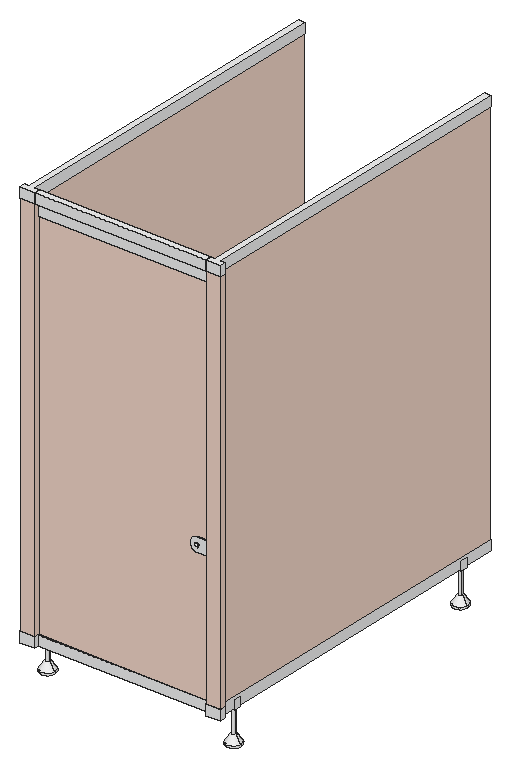
Revit family "PFX_A3-Toilet-Cubicle-Middle-Section", category Generic Models, Revit 2016
Family settings
  Part Type = Undefined
  Can host rebar = No
  Round Connector Dimension = Use Diameter
  Work Plane-Based = No
  Always vertical = Yes
  Cut with Voids When Loaded = No
  Shared = No
  Room Calculation Point = No
Parameters (values of type "Middle Section Cubicle")
  Vis - Placement Lines = yes
  Vis - Door RHS = no
  Vis - Door LHS = yes
  Vis - Cubicle Legs = yes
  Top Frame Depth = 45 mm
  Plumbing Duct Depth = 300 mm
  Material Cubicle Panels = Toilet Cubicle Panelling
  Material Cubicle Frame = Toilet Cubicle Frame
  Material Cubicle Feet = Toilet Cubicle Feet
  Keynote = "K32"
  Handle Mounting Height = 800 mm
  Door Width = Cubicle Width - 65 mm  # 755 mm
  Door Head Clearance = 10 mm
  Cubicle Width = Cubicle Clear Width + Cubicle Panel Thickness  # 820 mm
  Cubicle Panel Thickness = 20 mm
  Cubicle Height = 1800 mm
  Cubicle Depth = 1500 mm
  Cubicle Clear Width = 800 mm
  Bttm Frame Depth = 45 mm
  Base Offset = 150 mm
Reference planes
  plane 1 "Center (Front/Back)": y = 0
  plane 2: z = 0
  plane 3 "Center (Left/Right)": x = -12.069
  plane 4: x = -422.069
  plane 5: x = 397.931
  plane 6: y = -1800
  plane 7: y = -300
  plane 8: z = 150
  plane 9: z = 1950
  plane 10: x = -389.569
  plane 11: x = 365.431
  plane 12: z = 1905
  plane 13: z = 1895
  plane 14: z = 195
  plane 15: x = -454.569
  plane 16: x = 430.431
  plane 17: z = 800
Forms (mm)
  Extrusion 1, solid, material "Toilet Cubicle Frame" <- "Material Cubicle Frame"
    sketch origin (142.5, 0, 1950) x (0, -1, 0) y (-1, 0, 0)
      loop
        line (1813, 532.069) -> (1787.295, 532.069) -> (1787.295, -222.931) -> (1813, -222.931) -> (1813, 532.069)
    from 0 to 45
Lines and regions (mm)
  symbolic lines, style "Toilet Cubicles", visible <- "Vis - Placement Lines"
    curve 1: line (-422.069, -300, 0) -> (397.931, -300, 0)
Dimensions and locks
  equal spacing: plane 4, plane 3 "Center (Left/Right)", plane 5
  "Cubicle Width": plane 4 to plane 5
  "Plumbing Duct Depth": plane 7 to plane 1 "Center (Front/Back)"
  "Cubicle Depth": plane 6 to plane 7
  "Base Offset": plane 8 to level
  "Cubicle Height": plane 9 to plane 8
  equal spacing: plane 10, plane 3 "Center (Left/Right)", plane 11
  "Door Width": plane 10 to plane 11
  "Top Frame Depth": plane 9 to plane 12
  "Door Head Clearance": plane 12 to plane 13
  "Bttm Frame Depth": plane 14 to plane 8
  equal spacing: plane 15, plane 4, plane 10
  equal spacing: plane 11, plane 5, plane 16
  "Handle Mounting Height": plane 17 to level
  aligned and locked: Extrusion 1 to plane 9
  aligned and locked: plane 12 to Extrusion 1
  aligned and locked: Extrusion 1 sketch curve to plane 11
  aligned and locked: nested 1 to plane 13
  aligned and locked: plane 5 to nested 2
  aligned and locked: plane 7 to nested 2
  aligned and locked: plane 10 to Extrusion 1
  aligned and locked: plane 4 to nested 3
  aligned and locked: nested 3 to plane 7
  aligned and locked: plane 6 to nested 1
  aligned and locked: nested 1 to plane 3 "Center (Left/Right)"
  aligned: curve 1 to nested 3
  aligned: curve 1 to nested 2
  aligned: nested 3 to curve 1
Automatic sketch dimensions
  Extrusion 1 sketch curve to plane 6 = 12.705 mm
  plane 6 to Extrusion 1 sketch curve = 13 mm
  Extrusion 1 sketch curve to Extrusion 1 sketch curve = 755 mm
  curve 1 to plane 4 = 0 mm
  curve 1 to plane 5 = 0 mm
  curve 1 to plane 7 = 0 mm
Nested families
  nested 1: "UK_Toilet Door" at (-10, 0, 0), Cubicle Width <- "Cubicle Width", type "End/Corner Cubicle"
    with Door Width 755 mm, Cubicle Width 820 mm
  nested 2: "UK_Cubicle PartyWall" at (0, 0, 0), type "UK_Cubicle PartyWall"
  nested 3: "UK_Cubicle PartyWall" at (-820, 0, 0), type "UK_Cubicle PartyWall"
Definition of nested family "UK_Toilet Door"
  Parameters
    Vis - Door RHS = no
    Vis - Door LHS = yes
    Top Frame Depth = 45 mm
    Material Cubicle Panels = none
    Material Cubicle Frame = none
    Material Cubicle Feet = none
    Handle Mounting Height = 800 mm
    Door Width [instance] = Cubicle Width - 65 mm  # 735 mm
    Door Head Clearance = 10 mm
    Cubicle Width [instance] = 800 mm
    Cubicle Panel Thickness = 20 mm
    Cubicle Height = 1800 mm
    Cubicle Depth = 1500 mm
    Bttm Frame Depth = 45 mm
    Base Offset = 150 mm
  Reference planes
    plane 1: z = 0
    plane 2 "Center (Left/Right)": x = -2.069
    plane 3: x = -402.069
    plane 4: x = 397.931
    plane 5 "Front of Cubicle": y = -1800
    plane 6: z = 150
    plane 7: z = 1950
    plane 8: x = -369.569
    plane 9: x = 365.431
    plane 10: z = 1905
    plane 11: z = 1895
    plane 12: z = 195
    plane 13: x = -434.569
    plane 14: x = 430.431
    plane 15: z = 800
    plane 16: y = -1780
  Forms (mm)
    Extrusion 1, solid, material <- "Material Cubicle Frame"
      sketch origin (-2.069, 0, 0) x (0, 1, 0) y (0, 0, 1)
        loop
          line (-1793, 1850) -> (-1767, 1850) -> (-1767, 1895) -> (-1793, 1895) -> (-1793, 1850)
        loop
          line (-1793, 195) -> (-1793, 150) -> (-1767, 150) -> (-1767, 195) -> (-1793, 195)
      from 367.5 to -367.5
    Extrusion 2, solid, material <- "Material Cubicle Panels"
      sketch origin (0, 0, 0) x (1, 0, 0) y (0, 1, 0)
        loop
          line (-369.569, -1790) -> (365.431, -1790) -> (365.431, -1770) -> (-369.569, -1770) -> (-369.569, -1790)
      from 195 to 1850
  Lines and regions (mm)
    symbolic lines, visible <- "Vis - Door LHS"
      curve 1: line (-369.569, -1767, 0) -> (-369.569, -1032, 0)
      curve 2: arc (365.431, -1767, 0) -> (150.155, -1247.277, 0) -> (-369.569, -1032, 0) r 735
    symbolic lines, visible <- "Vis - Door RHS"
      curve 3: line (365.431, -1767, 0) -> (365.431, -1032, 0)
      curve 4: arc (-369.569, -1767, 0) -> (-154.292, -1247.277, 0) -> (365.431, -1032, 0) r 735
  Dimensions and locks
    equal spacing: plane 3, plane 2 "Center (Left/Right)", plane 4
    "Cubicle Width": plane 3 to plane 4
    "Base Offset": plane 6 to level
    "Cubicle Height": plane 7 to plane 6
    equal spacing: plane 8, plane 2 "Center (Left/Right)", plane 9
    "Door Width": plane 8 to plane 9
    "Top Frame Depth": plane 7 to plane 10
    "Door Head Clearance": plane 10 to plane 11
    "Bttm Frame Depth": plane 12 to plane 6
    equal spacing: plane 13, plane 3, plane 8
    equal spacing: plane 9, plane 4, plane 14
    "Handle Mounting Height": plane 15 to level
    "Cubicle Panel Thickness": plane 5 "Front of Cubicle" to plane 16
    equal spacing: Extrusion 2, plane 16, Extrusion 2
    "Cubicle Panel Thickness": Extrusion 2 to Extrusion 2
    locked: Extrusion 1 sketch curve to Extrusion 2 at 3  (x2)
    locked: Extrusion 2 to Extrusion 1 sketch curve at 3  (x2)
    aligned and locked: curve 2 to plane 8
    aligned and locked: plane 15 to nested 2
    aligned and locked: nested 1 to plane 9
    aligned and locked: nested 2 to plane 8
    aligned and locked: plane 16 to nested 1
    aligned and locked: nested 2 to plane 16
    aligned and locked: Extrusion 1 sketch curve to plane 11
    aligned and locked: Extrusion 1 to plane 9
    aligned and locked: plane 8 to Extrusion 1
    aligned and locked: Extrusion 2 to Extrusion 1
    aligned and locked: plane 12 to Extrusion 2
    aligned and locked: plane 8 to Extrusion 2
    aligned and locked: Extrusion 2 to plane 9
    aligned and locked: curve 1 to plane 8
    aligned and locked: curve 3 to plane 9
  Automatic sketch dimensions
    curve 1 to plane 5 "Front of Cubicle" = 33 mm
    curve 2 to curve 1 = 0 mm
    Extrusion 1 sketch curve to plane 6 = 0 mm
    Extrusion 1 sketch curve to plane 12 = 0 mm
    plane 11 to Extrusion 1 sketch curve = 45 mm
    Extrusion 2 sketch curve to plane 16 = 10 mm
    Extrusion 2 sketch curve to plane 8 = 0 mm
    plane 9 to Extrusion 2 sketch curve = 0 mm
    Extrusion 2 sketch curve to plane 5 "Front of Cubicle" = 10 mm
  Nested families
    nested 1: "Toilet Cubicle Handle" at (365.431, -1779.907, 0), visible <- "Vis - Door LHS", type "Toilet Cubicle Handle"
    nested 2: "Toilet Cubicle Handle" at (-369.569, -1779.907, -0.091) x (-1, 0, 0) z (0, 0, 1), visible <- "Vis - Door RHS", type "Toilet Cubicle Handle"
  Definition of nested family "Toilet Cubicle Handle"
    Parameters
      Panel Thickness = 20 mm
      Material  Handle = none
      Handle Z = 800 mm
      Handle X = 50 mm
    Reference planes
      plane 1 "Center (Front/Back)": y = -0.093
      plane 2: z = 0
      plane 3 "Center (Left/Right)": x = 0
      plane 4: z = 800
      plane 5: x = -50
      plane 6: y = -10.093
      plane 7: y = 9.907
    Forms (mm)
      Extrusion 1, solid, material <- "Material  Handle"
        sketch origin (0, -0.093, 0) x (1, 0, 0) y (0, 0, 1)
          loop
            line (0, 770) -> (0, 830.183) -> (-49.948, 830.183)
            arc (-49.948, 830.183) -> (-80.039, 800.091) -> (-49.948, 770) r 30.091
            line (-49.948, 770) -> (0, 770)
          loop
            circle (-49.948, 800.091) r 10
        from -18 to 18
    Dimensions and locks
      "Handle X": plane 5 to plane 3 "Center (Left/Right)"
      "Handle Z": plane 4 to level
      equal spacing: plane 7, plane 1 "Center (Front/Back)", plane 6
      "Panel Thickness": plane 6 to plane 7
      locked: Extrusion 1 to plane 7 at 8
      locked: Extrusion 1 to plane 6 at 8
    Automatic sketch dimensions
      Extrusion 1 sketch curve to Extrusion 1 sketch curve = 0 mm  (x2)
      Extrusion 1 sketch curve to plane 3 "Center (Left/Right)" = 0 mm
      Extrusion 1 sketch curve to plane 5 = 0.052 mm
      plane 4 to Extrusion 1 sketch curve = 30 mm
      Extrusion 1 sketch curve to plane 4 = 0.091 mm
      radius of Extrusion 1 sketch curve = 10 mm
Definition of nested family "UK_Cubicle PartyWall"
  Parameters
    Vis - Cubicle Legs = yes
    Top Frame Depth = 45 mm
    Plumbing Duct Depth = 300 mm
    Material Cubicle Panels = none
    Material Cubicle Frame = none
    Material Cubicle Feet = none
    Cubicle Panel Thickness = 20 mm
    Cubicle Height = 1800 mm
    Cubicle Depth = 1500 mm
    Bttm Frame Depth = 45 mm
    Base Offset = 150 mm
  Reference planes
    plane 1 "Center (Front/Back)": y = 0
    plane 2: z = 0
    plane 3: x = 397.931
    plane 4: y = -1800
    plane 5 "Back of Toilet": y = -300
    plane 6: z = 150
    plane 7: z = 1950
    plane 8: x = 365.431
    plane 9: z = 1905
    plane 10: z = 195
    plane 11: x = 430.431
    plane 12: y = -450
    plane 13: y = -1700
  Forms (mm)
    Extrusion 1, solid, material <- "Material Cubicle Frame"
      sketch origin (0, 0, 195) x (0, -1, 0) y (-1, 0, 0)
        loop
          line (1813, -365.431) -> (1787.295, -365.431) -> (1787.295, -430.431) -> (1813, -430.431) -> (1813, -365.431)
      from 0 to 45
    Extrusion 2, solid, material <- "Material Cubicle Frame"
      sketch origin (992.5, -300, 0) x (1, 0, 0) y (0, 0, 1)
        loop
          line (-607.569, 1905) -> (-581.569, 1905) -> (-581.569, 1950) -> (-607.569, 1950) -> (-607.569, 1905)
        loop
          line (-607.569, 195) -> (-607.569, 150) -> (-581.569, 150) -> (-581.569, 195) -> (-607.569, 195)
      from 0 to 1487.295
    Extrusion 3, solid, material <- "Material Cubicle Panels"
      sketch origin (992.5, 0, 195) x (0, -1, 0) y (-1, 0, 0)
        loop
          line (300, 584.569) -> (1790, 584.569) -> (1790, 562.069) -> (1810, 562.069) -> (1810, 627.069) -> (1790, 627.069) -> (1790, 604.569) -> (300, 604.569) -> (300, 584.569)
      from 0 to -1710
    Extrusion 4, solid, material <- "Material Cubicle Frame"
      sketch origin (1042.5, 0, 1950) x (0, -1, 0) y (-1, 0, 0)
        loop
          line (1813, 677.069) -> (1787.295, 677.069) -> (1787.295, 612.069) -> (1813, 612.069) -> (1813, 677.069)
      from 0 to 45
  Cuts and joins
    joined: Extrusion 1, Extrusion 2, Extrusion 4
  Lines and regions (mm)
    symbolic lines
      curve 1: line (70.931, -300, 0) -> (750.931, -300, 0)
  Dimensions and locks
    "Plumbing Duct Depth": plane 5 "Back of Toilet" to plane 1 "Center (Front/Back)"
    "Cubicle Depth": plane 4 to plane 5 "Back of Toilet"
    "Base Offset": plane 6 to level
    "Cubicle Height": plane 7 to plane 6
    "Top Frame Depth": plane 7 to plane 9
    "Bttm Frame Depth": plane 10 to plane 6
    equal spacing: plane 8, plane 3, plane 11
    plane 12 to plane 5 "Back of Toilet" = 150 mm
    plane 4 to plane 13 = 100 mm
    "Cubicle Panel Thickness": Extrusion 3 sketch curve to Extrusion 3 sketch curve  (x2)
    locked: Extrusion 2 sketch curve to Extrusion 3 at 3  (x4)
    equal spacing: Extrusion 3 sketch curve, plane 3, Extrusion 3 sketch curve
    equal spacing: Extrusion 3 sketch curve, plane 4, Extrusion 3 sketch curve
    aligned and locked: plane 6 to Extrusion 1
    aligned and locked: Extrusion 3 sketch curve to Extrusion 3 sketch curve
    aligned and locked: plane 10 to Extrusion 2 sketch curve
    aligned and locked: Extrusion 2 sketch curve to plane 6
    aligned and locked: Extrusion 2 sketch curve to plane 7
    aligned and locked: plane 9 to Extrusion 2 sketch curve
    aligned and locked: Extrusion 3 sketch curve to plane 5 "Back of Toilet"
    aligned and locked: nested 1 to plane 3
    aligned and locked: nested 2 to plane 3
    aligned and locked: plane 13 to nested 2
    aligned and locked: plane 12 to nested 1
    aligned and locked: Extrusion 4 to plane 11
    aligned and locked: Extrusion 4 to plane 7
    aligned and locked: plane 9 to Extrusion 4
    aligned and locked: Extrusion 2 to Extrusion 4
    aligned and locked: plane 8 to Extrusion 4 sketch curve
    aligned and locked: Extrusion 4 sketch curve to plane 11
    aligned and locked: Extrusion 3 sketch curve to plane 11
    aligned and locked: plane 10 to Extrusion 3
    aligned and locked: plane 5 "Back of Toilet" to curve 1
    aligned and locked: Extrusion 3 to plane 9
    aligned and locked: Extrusion 1 to plane 10
    aligned and locked: Extrusion 2 to plane 5 "Back of Toilet"
  Automatic sketch dimensions
    Extrusion 4 sketch curve to plane 4 = 12.705 mm
    plane 4 to Extrusion 4 sketch curve = 13 mm
    Extrusion 3 sketch curve to plane 8 = 0 mm
    Extrusion 1 sketch curve to plane 11 = 0 mm
    Extrusion 1 sketch curve to plane 8 = 0 mm
    Extrusion 1 sketch curve to plane 4 = 12.705 mm
    plane 4 to Extrusion 1 sketch curve = 13 mm
    plane 8 to curve 1 = 294.5 mm
    curve 1 to plane 11 = 320.5 mm
  Nested families
    nested 1: "Toilet Cubicle Leg" at (397.931, -450, 0), type "Toilet Cubicle Leg"
    nested 2: "Toilet Cubicle Leg" at (397.931, -1700, 0), type "Toilet Cubicle Leg"
  Definition of nested family "Toilet Cubicle Leg"
    Parameters
      Vis - Cubicle Legs = yes
      Partition Thickness = 20 mm
      Material Legs = none
      Foot Height = 150 mm
    Reference planes
      plane 1 "Center (Front/Back)": y = 0
      plane 2: z = 0
      plane 3 "Center (Left/Right)": x = 0
      plane 4: z = 150
      plane 5: x = -10
      plane 6: x = 10
    Forms (mm)
      Revolve 1, solid, material <- "Material Legs", visible <- "Vis - Cubicle Legs"
        sketch origin (0, 0, 0) x (1, 0, 0) y (0, 0, 1)
          loop
            line (-7.5, 145) -> (-7.5, 43.57) -> (-32.943, 7.234) -> (-32.943, 0) -> (0, 0) -> (0, 145) -> (-7.5, 145)
          axis (0, 0) -> (0, 145)
        angle from 0 to 360
      Extrusion 2, solid, material <- "Material Legs", visible <- "Vis - Cubicle Legs"
        sketch origin (0, 0, 0) x (1, 0, 0) y (0, 0, 1)
          loop
            line (15, 145) -> (15, 185) -> (10, 185) -> (10, 150) -> (-10, 150) -> (-10, 185) -> (-15, 185) -> (-15, 145) -> (15, 145)
        from 15 to -15
    Dimensions and locks
      "Foot Height": plane 4 to plane 2
      "Partition Thickness": plane 6 to plane 5
      equal spacing: plane 6, plane 3 "Center (Left/Right)", plane 5
      aligned and locked: plane 6 to Extrusion 2 sketch curve
      aligned and locked: plane 5 to Extrusion 2 sketch curve
    Automatic sketch dimensions
      Revolve 1 sketch curve to level = 0 mm
      Revolve 1 sketch curve to plane 3 "Center (Left/Right)" = 0 mm  (x2)
      Revolve 1 sketch curve to plane 3 "Center (Left/Right)" = 7.5 mm
      Revolve 1 sketch curve to plane 3 "Center (Left/Right)" = 32.943 mm
      Revolve 1 sketch curve to level = 60 mm
      Revolve 1 sketch curve to Revolve 1 sketch curve = 7.234 mm
      level to Revolve 1 sketch curve = 43.57 mm
      plane 4 to Revolve 1 sketch curve = 5 mm
      Revolve 1 sketch curve to plane 4 = 65 mm
      Extrusion 2 sketch curve to plane 4 = 0 mm
      Extrusion 2 sketch curve to Extrusion 2 sketch curve = 5 mm  (x2)
      plane 4 to Extrusion 2 sketch curve = 5 mm
      Extrusion 2 sketch curve to Extrusion 2 sketch curve = 35 mm
      Extrusion 2 sketch curve to Extrusion 2 sketch curve = 0 mm
